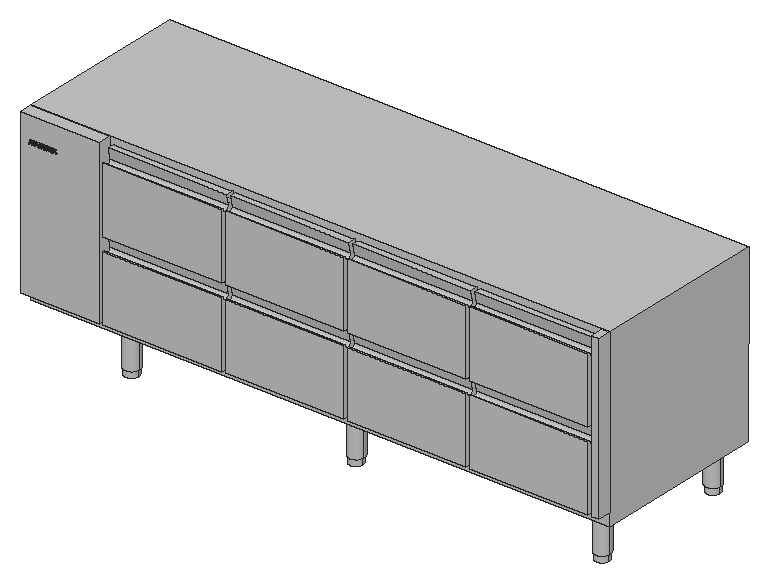
Revit family "QF_ALPENINOX_721173_AA4R7BBBB", category Attrezzature speciali, Revit 2018 (continued)
Definition of nested family "HP_APX_BI_TN_L"
  Lines and regions (mm)
    Split face 120
      outline origin (330, -951.3, 50) x (1, 0, 0) y (0, 1, 0)
        loop
          arc (-328.464, 657.474) -> (-332.464, 653.474) -> (-328.464, 649.474) r 4
          line (-328.464, 649.474) -> (-286.464, 649.474)
          arc (-286.464, 649.474) -> (-282.464, 653.474) -> (-286.464, 657.474) r 4
          line (-286.464, 657.474) -> (-328.464, 657.474)
    Split face 121
      outline origin (110, -951.3, 50) x (1, 0, 0) y (0, 1, 0)
        loop
          arc (-218.464, 657.474) -> (-222.464, 653.474) -> (-218.464, 649.474) r 4
          line (-218.464, 649.474) -> (-176.464, 649.474)
          arc (-176.464, 649.474) -> (-172.464, 653.474) -> (-176.464, 657.474) r 4
          line (-176.464, 657.474) -> (-218.464, 657.474)
    Split face 122
      outline origin (220, -951.3, 50) x (1, 0, 0) y (0, 1, 0)
        loop
          arc (-273.464, 657.474) -> (-277.464, 653.474) -> (-273.464, 649.474) r 4
          line (-273.464, 649.474) -> (-231.464, 649.474)
          arc (-231.464, 649.474) -> (-227.464, 653.474) -> (-231.464, 657.474) r 4
          line (-231.464, 657.474) -> (-273.464, 657.474)
    Split face 123
      outline origin (0, -975.3, 50) x (1, 0, 0) y (0, 1, 0)
        loop
          arc (-163.464, 669.474) -> (-167.464, 665.474) -> (-163.464, 661.474) r 4
          line (-163.464, 661.474) -> (-121.464, 661.474)
          arc (-121.464, 661.474) -> (-117.464, 665.474) -> (-121.464, 669.474) r 4
          line (-121.464, 669.474) -> (-163.464, 669.474)
    Split face 124
      outline origin (330, -975.3, 50) x (1, 0, 0) y (0, 1, 0)
        loop
          arc (-328.464, 669.474) -> (-332.464, 665.474) -> (-328.464, 661.474) r 4
          line (-328.464, 661.474) -> (-286.464, 661.474)
          arc (-286.464, 661.474) -> (-282.464, 665.474) -> (-286.464, 669.474) r 4
          line (-286.464, 669.474) -> (-328.464, 669.474)
    Split face 125
      outline origin (110, -975.3, 50) x (1, 0, 0) y (0, 1, 0)
        loop
          arc (-218.464, 669.474) -> (-222.464, 665.474) -> (-218.464, 661.474) r 4
          line (-218.464, 661.474) -> (-176.464, 661.474)
          arc (-176.464, 661.474) -> (-172.464, 665.474) -> (-176.464, 669.474) r 4
          line (-176.464, 669.474) -> (-218.464, 669.474)
    Split face 126
      outline origin (220, -975.3, 50) x (1, 0, 0) y (0, 1, 0)
        loop
          arc (-273.464, 669.474) -> (-277.464, 665.474) -> (-273.464, 661.474) r 4
          line (-273.464, 661.474) -> (-231.464, 661.474)
          arc (-231.464, 661.474) -> (-227.464, 665.474) -> (-231.464, 669.474) r 4
          line (-231.464, 669.474) -> (-273.464, 669.474)
    Split face 127
      outline origin (0, -999.3, 50) x (1, 0, 0) y (0, 1, 0)
        loop
          arc (-163.464, 681.474) -> (-167.464, 677.474) -> (-163.464, 673.474) r 4
          line (-163.464, 673.474) -> (-121.464, 673.474)
          arc (-121.464, 673.474) -> (-117.464, 677.474) -> (-121.464, 681.474) r 4
          line (-121.464, 681.474) -> (-163.464, 681.474)
    Split face 128
      outline origin (330, -999.3, 50) x (1, 0, 0) y (0, 1, 0)
        loop
          arc (-328.464, 681.474) -> (-332.464, 677.474) -> (-328.464, 673.474) r 4
          line (-328.464, 673.474) -> (-286.464, 673.474)
          arc (-286.464, 673.474) -> (-282.464, 677.474) -> (-286.464, 681.474) r 4
          line (-286.464, 681.474) -> (-328.464, 681.474)
    Split face 129
      outline origin (110, -999.3, 50) x (1, 0, 0) y (0, 1, 0)
        loop
          arc (-218.464, 681.474) -> (-222.464, 677.474) -> (-218.464, 673.474) r 4
          line (-218.464, 673.474) -> (-176.464, 673.474)
          arc (-176.464, 673.474) -> (-172.464, 677.474) -> (-176.464, 681.474) r 4
          line (-176.464, 681.474) -> (-218.464, 681.474)
    Split face 130
      outline origin (220, -999.3, 50) x (1, 0, 0) y (0, 1, 0)
        loop
          arc (-273.464, 681.474) -> (-277.464, 677.474) -> (-273.464, 673.474) r 4
          line (-273.464, 673.474) -> (-231.464, 673.474)
          arc (-231.464, 673.474) -> (-227.464, 677.474) -> (-231.464, 681.474) r 4
          line (-231.464, 681.474) -> (-273.464, 681.474)
    Split face 131
      outline origin (0, -1023.3, 50) x (1, 0, 0) y (0, 1, 0)
        loop
          arc (-163.464, 693.474) -> (-167.464, 689.474) -> (-163.464, 685.474) r 4
          line (-163.464, 685.474) -> (-121.464, 685.474)
          arc (-121.464, 685.474) -> (-117.464, 689.474) -> (-121.464, 693.474) r 4
          line (-121.464, 693.474) -> (-163.464, 693.474)
    Split face 132
      outline origin (330, -1023.3, 50) x (1, 0, 0) y (0, 1, 0)
        loop
          arc (-328.464, 693.474) -> (-332.464, 689.474) -> (-328.464, 685.474) r 4
          line (-328.464, 685.474) -> (-286.464, 685.474)
          arc (-286.464, 685.474) -> (-282.464, 689.474) -> (-286.464, 693.474) r 4
          line (-286.464, 693.474) -> (-328.464, 693.474)
    Split face 133
      outline origin (110, -1023.3, 50) x (1, 0, 0) y (0, 1, 0)
        loop
          arc (-218.464, 693.474) -> (-222.464, 689.474) -> (-218.464, 685.474) r 4
          line (-218.464, 685.474) -> (-176.464, 685.474)
          arc (-176.464, 685.474) -> (-172.464, 689.474) -> (-176.464, 693.474) r 4
          line (-176.464, 693.474) -> (-218.464, 693.474)
    Split face 134
      outline origin (220, -1023.3, 50) x (1, 0, 0) y (0, 1, 0)
        loop
          arc (-273.464, 693.474) -> (-277.464, 689.474) -> (-273.464, 685.474) r 4
          line (-273.464, 685.474) -> (-231.464, 685.474)
          arc (-231.464, 685.474) -> (-227.464, 689.474) -> (-231.464, 693.474) r 4
          line (-231.464, 693.474) -> (-273.464, 693.474)
    symbolic lines
      curve 1: line (87.08, -49, 50) -> (87.08, -49, 0)
  Dimensions and locks
    equal spacing: plane 6, plane 1 "Center (Front/Back)", plane 7
    equal spacing: plane 4, plane 3 "Center (Left/Right)", plane 5
    aligned and locked: plane 2 to Extrusion 1
    aligned and locked: level to Extrusion 1
  Automatic sketch dimensions
    Split face 5 sketch curve to Split face 5 sketch curve = 42 mm
    Split face 5 sketch curve to Split face 5 sketch curve = 4 mm
    Split face 6 sketch curve to Split face 6 sketch curve = 42 mm
    Split face 6 sketch curve to Split face 6 sketch curve = 4 mm
    Split face 7 sketch curve to Split face 7 sketch curve = 42 mm
    Split face 7 sketch curve to Split face 7 sketch curve = 4 mm
    Split face 8 sketch curve to Split face 8 sketch curve = 42 mm
    Split face 8 sketch curve to Split face 8 sketch curve = 4 mm
    Split face 9 sketch curve to Split face 9 sketch curve = 42 mm
    Split face 9 sketch curve to Split face 9 sketch curve = 4 mm
    Split face 10 sketch curve to Split face 10 sketch curve = 42 mm
    Split face 10 sketch curve to Split face 10 sketch curve = 4 mm
    Split face 11 sketch curve to Split face 11 sketch curve = 42 mm
    Split face 11 sketch curve to Split face 11 sketch curve = 4 mm
    Split face 12 sketch curve to Split face 12 sketch curve = 42 mm
    Split face 12 sketch curve to Split face 12 sketch curve = 4 mm
    Split face 13 sketch curve to Split face 13 sketch curve = 42 mm
    Split face 13 sketch curve to Split face 13 sketch curve = 4 mm
    Split face 14 sketch curve to Split face 14 sketch curve = 42 mm
    Split face 14 sketch curve to Split face 14 sketch curve = 4 mm
    Split face 15 sketch curve to Split face 15 sketch curve = 42 mm
    Split face 15 sketch curve to Split face 15 sketch curve = 4 mm
    Split face 16 sketch curve to Split face 16 sketch curve = 42 mm
    Split face 16 sketch curve to Split face 16 sketch curve = 4 mm
    Split face 17 sketch curve to Split face 17 sketch curve = 42 mm
    Split face 17 sketch curve to Split face 17 sketch curve = 4 mm
    Split face 18 sketch curve to Split face 18 sketch curve = 42 mm
    Split face 18 sketch curve to Split face 18 sketch curve = 4 mm
    Split face 19 sketch curve to Split face 19 sketch curve = 42 mm
    Split face 19 sketch curve to Split face 19 sketch curve = 4 mm
    Split face 20 sketch curve to Split face 20 sketch curve = 42 mm
    Split face 20 sketch curve to Split face 20 sketch curve = 4 mm
    Split face 21 sketch curve to Split face 21 sketch curve = 42 mm
    Split face 21 sketch curve to Split face 21 sketch curve = 4 mm
    Split face 22 sketch curve to Split face 22 sketch curve = 42 mm
    Split face 22 sketch curve to Split face 22 sketch curve = 4 mm
    Split face 23 sketch curve to Split face 23 sketch curve = 42 mm
    Split face 23 sketch curve to Split face 23 sketch curve = 4 mm
    Split face 24 sketch curve to Split face 24 sketch curve = 42 mm
    Split face 24 sketch curve to Split face 24 sketch curve = 4 mm
    Split face 25 sketch curve to Split face 25 sketch curve = 42 mm
    Split face 25 sketch curve to Split face 25 sketch curve = 4 mm
    Split face 26 sketch curve to Split face 26 sketch curve = 42 mm
    Split face 26 sketch curve to Split face 26 sketch curve = 4 mm
    Split face 27 sketch curve to Split face 27 sketch curve = 42 mm
    Split face 27 sketch curve to Split face 27 sketch curve = 4 mm
    Split face 28 sketch curve to Split face 28 sketch curve = 42 mm
    Split face 28 sketch curve to Split face 28 sketch curve = 4 mm
    Split face 29 sketch curve to Split face 29 sketch curve = 42 mm
    Split face 29 sketch curve to Split face 29 sketch curve = 4 mm
    Split face 30 sketch curve to Split face 30 sketch curve = 42 mm
    Split face 30 sketch curve to Split face 30 sketch curve = 4 mm
    Split face 31 sketch curve to Split face 31 sketch curve = 42 mm
    Split face 31 sketch curve to Split face 31 sketch curve = 4 mm
    Split face 32 sketch curve to Split face 32 sketch curve = 42 mm
    Split face 32 sketch curve to Split face 32 sketch curve = 4 mm
    Split face 33 sketch curve to Split face 33 sketch curve = 42 mm
    Split face 33 sketch curve to Split face 33 sketch curve = 4 mm
    Split face 34 sketch curve to Split face 34 sketch curve = 42 mm
    Split face 34 sketch curve to Split face 34 sketch curve = 4 mm
    Split face 35 sketch curve to Split face 35 sketch curve = 42 mm
    Split face 35 sketch curve to Split face 35 sketch curve = 4 mm
    Split face 36 sketch curve to Split face 36 sketch curve = 42 mm
    Split face 36 sketch curve to Split face 36 sketch curve = 4 mm
    Split face 37 sketch curve to Split face 37 sketch curve = 42 mm
    Split face 37 sketch curve to Split face 37 sketch curve = 4 mm
    Split face 38 sketch curve to Split face 38 sketch curve = 42 mm
    Split face 38 sketch curve to Split face 38 sketch curve = 4 mm
    Split face 39 sketch curve to Split face 39 sketch curve = 42 mm
    Split face 39 sketch curve to Split face 39 sketch curve = 4 mm
    Split face 40 sketch curve to Split face 40 sketch curve = 42 mm
    Split face 40 sketch curve to Split face 40 sketch curve = 4 mm
    Split face 41 sketch curve to Split face 41 sketch curve = 42 mm
    Split face 41 sketch curve to Split face 41 sketch curve = 4 mm
    Split face 42 sketch curve to Split face 42 sketch curve = 42 mm
    Split face 42 sketch curve to Split face 42 sketch curve = 4 mm
    Split face 43 sketch curve to Split face 43 sketch curve = 42 mm
    Split face 43 sketch curve to Split face 43 sketch curve = 4 mm
    Split face 44 sketch curve to Split face 44 sketch curve = 42 mm
    Split face 44 sketch curve to Split face 44 sketch curve = 4 mm
    Split face 45 sketch curve to Split face 45 sketch curve = 42 mm
    Split face 45 sketch curve to Split face 45 sketch curve = 4 mm
    Split face 46 sketch curve to Split face 46 sketch curve = 42 mm
    Split face 46 sketch curve to Split face 46 sketch curve = 4 mm
    Split face 47 sketch curve to Split face 47 sketch curve = 42 mm
    Split face 47 sketch curve to Split face 47 sketch curve = 4 mm
    Split face 48 sketch curve to Split face 48 sketch curve = 42 mm
    Split face 48 sketch curve to Split face 48 sketch curve = 4 mm
    Split face 49 sketch curve to Split face 49 sketch curve = 42 mm
    Split face 49 sketch curve to Split face 49 sketch curve = 4 mm
    Split face 50 sketch curve to Split face 50 sketch curve = 42 mm
    Split face 50 sketch curve to Split face 50 sketch curve = 4 mm
    Split face 51 sketch curve to Split face 51 sketch curve = 42 mm
    Split face 51 sketch curve to Split face 51 sketch curve = 4 mm
    Split face 52 sketch curve to Split face 52 sketch curve = 42 mm
    Split face 52 sketch curve to Split face 52 sketch curve = 4 mm
    Split face 53 sketch curve to Split face 53 sketch curve = 42 mm
    Split face 53 sketch curve to Split face 53 sketch curve = 4 mm
    Split face 54 sketch curve to Split face 54 sketch curve = 42 mm
    Split face 54 sketch curve to Split face 54 sketch curve = 4 mm
    Split face 55 sketch curve to Split face 55 sketch curve = 42 mm
    Split face 55 sketch curve to Split face 55 sketch curve = 4 mm
    Split face 56 sketch curve to Split face 56 sketch curve = 42 mm
    Split face 56 sketch curve to Split face 56 sketch curve = 4 mm
    Split face 57 sketch curve to Split face 57 sketch curve = 42 mm
    Split face 57 sketch curve to Split face 57 sketch curve = 4 mm
    Split face 58 sketch curve to Split face 58 sketch curve = 42 mm
    Split face 58 sketch curve to Split face 58 sketch curve = 4 mm
    Split face 59 sketch curve to Split face 59 sketch curve = 42 mm
    Split face 59 sketch curve to Split face 59 sketch curve = 4 mm
    Split face 60 sketch curve to Split face 60 sketch curve = 42 mm
    Split face 60 sketch curve to Split face 60 sketch curve = 4 mm
    Split face 61 sketch curve to Split face 61 sketch curve = 42 mm
    Split face 61 sketch curve to Split face 61 sketch curve = 4 mm
    Split face 62 sketch curve to Split face 62 sketch curve = 42 mm
    Split face 62 sketch curve to Split face 62 sketch curve = 4 mm
    Split face 63 sketch curve to Split face 63 sketch curve = 42 mm
    Split face 63 sketch curve to Split face 63 sketch curve = 4 mm
    Split face 64 sketch curve to Split face 64 sketch curve = 42 mm
    Split face 64 sketch curve to Split face 64 sketch curve = 4 mm
    Split face 65 sketch curve to Split face 65 sketch curve = 42 mm
    Split face 65 sketch curve to Split face 65 sketch curve = 4 mm
    Split face 66 sketch curve to Split face 66 sketch curve = 42 mm
    Split face 66 sketch curve to Split face 66 sketch curve = 4 mm
    Split face 67 sketch curve to Split face 67 sketch curve = 42 mm
    Split face 67 sketch curve to Split face 67 sketch curve = 4 mm
    Split face 68 sketch curve to Split face 68 sketch curve = 42 mm
    Split face 68 sketch curve to Split face 68 sketch curve = 4 mm
    Split face 69 sketch curve to Split face 69 sketch curve = 42 mm
    Split face 69 sketch curve to Split face 69 sketch curve = 4 mm
    Split face 71 sketch curve to Split face 71 sketch curve = 42 mm
    Split face 71 sketch curve to Split face 71 sketch curve = 4 mm
    Split face 72 sketch curve to Split face 72 sketch curve = 42 mm
    Split face 72 sketch curve to Split face 72 sketch curve = 4 mm
    Split face 73 sketch curve to Split face 73 sketch curve = 42 mm
    Split face 73 sketch curve to Split face 73 sketch curve = 4 mm
    Split face 74 sketch curve to Split face 74 sketch curve = 42 mm
    Split face 74 sketch curve to Split face 74 sketch curve = 4 mm
    Split face 75 sketch curve to Split face 75 sketch curve = 42 mm
    Split face 75 sketch curve to Split face 75 sketch curve = 4 mm
    Split face 76 sketch curve to Split face 76 sketch curve = 42 mm
    Split face 76 sketch curve to Split face 76 sketch curve = 4 mm
    Split face 77 sketch curve to Split face 77 sketch curve = 42 mm
    Split face 77 sketch curve to Split face 77 sketch curve = 4 mm
    Split face 78 sketch curve to Split face 78 sketch curve = 42 mm
    Split face 78 sketch curve to Split face 78 sketch curve = 4 mm
    Split face 79 sketch curve to Split face 79 sketch curve = 42 mm
    Split face 79 sketch curve to Split face 79 sketch curve = 4 mm
    Split face 80 sketch curve to Split face 80 sketch curve = 42 mm
    Split face 80 sketch curve to Split face 80 sketch curve = 4 mm
    Split face 81 sketch curve to Split face 81 sketch curve = 42 mm
    Split face 81 sketch curve to Split face 81 sketch curve = 4 mm
    Split face 82 sketch curve to Split face 82 sketch curve = 42 mm
    Split face 82 sketch curve to Split face 82 sketch curve = 4 mm
    Split face 83 sketch curve to Split face 83 sketch curve = 42 mm
    Split face 83 sketch curve to Split face 83 sketch curve = 4 mm
    Split face 84 sketch curve to Split face 84 sketch curve = 42 mm
    Split face 84 sketch curve to Split face 84 sketch curve = 4 mm
    Split face 85 sketch curve to Split face 85 sketch curve = 42 mm
    Split face 85 sketch curve to Split face 85 sketch curve = 4 mm
    Split face 86 sketch curve to Split face 86 sketch curve = 42 mm
    Split face 86 sketch curve to Split face 86 sketch curve = 4 mm
    Split face 87 sketch curve to Split face 87 sketch curve = 42 mm
    Split face 87 sketch curve to Split face 87 sketch curve = 4 mm
    Split face 88 sketch curve to Split face 88 sketch curve = 42 mm
    Split face 88 sketch curve to Split face 88 sketch curve = 4 mm
    Split face 89 sketch curve to Split face 89 sketch curve = 42 mm
    Split face 89 sketch curve to Split face 89 sketch curve = 4 mm
    Split face 90 sketch curve to Split face 90 sketch curve = 42 mm
    Split face 90 sketch curve to Split face 90 sketch curve = 4 mm
    Split face 91 sketch curve to Split face 91 sketch curve = 42 mm
    Split face 91 sketch curve to Split face 91 sketch curve = 4 mm
    Split face 92 sketch curve to Split face 92 sketch curve = 42 mm
    Split face 92 sketch curve to Split face 92 sketch curve = 4 mm
    Split face 93 sketch curve to Split face 93 sketch curve = 42 mm
    Split face 93 sketch curve to Split face 93 sketch curve = 4 mm
    Split face 94 sketch curve to Split face 94 sketch curve = 42 mm
    Split face 94 sketch curve to Split face 94 sketch curve = 4 mm
    Split face 95 sketch curve to Split face 95 sketch curve = 42 mm
    Split face 95 sketch curve to Split face 95 sketch curve = 4 mm
    Split face 96 sketch curve to Split face 96 sketch curve = 42 mm
    Split face 96 sketch curve to Split face 96 sketch curve = 4 mm
    Split face 97 sketch curve to Split face 97 sketch curve = 42 mm
    Split face 97 sketch curve to Split face 97 sketch curve = 4 mm
    Split face 98 sketch curve to Split face 98 sketch curve = 42 mm
    Split face 98 sketch curve to Split face 98 sketch curve = 4 mm
    Split face 99 sketch curve to Split face 99 sketch curve = 42 mm
    Split face 99 sketch curve to Split face 99 sketch curve = 4 mm
    Split face 100 sketch curve to Split face 100 sketch curve = 42 mm
    Split face 100 sketch curve to Split face 100 sketch curve = 4 mm
    Split face 101 sketch curve to Split face 101 sketch curve = 42 mm
    Split face 101 sketch curve to Split face 101 sketch curve = 4 mm
    Split face 102 sketch curve to Split face 102 sketch curve = 42 mm
    Split face 102 sketch curve to Split face 102 sketch curve = 4 mm
    Split face 103 sketch curve to Split face 103 sketch curve = 42 mm
    Split face 103 sketch curve to Split face 103 sketch curve = 4 mm
    Split face 104 sketch curve to Split face 104 sketch curve = 42 mm
    Split face 104 sketch curve to Split face 104 sketch curve = 4 mm
    Split face 105 sketch curve to Split face 105 sketch curve = 42 mm
    Split face 105 sketch curve to Split face 105 sketch curve = 4 mm
    Split face 106 sketch curve to Split face 106 sketch curve = 42 mm
    Split face 106 sketch curve to Split face 106 sketch curve = 4 mm
    Split face 107 sketch curve to Split face 107 sketch curve = 42 mm
    Split face 107 sketch curve to Split face 107 sketch curve = 4 mm
    Split face 108 sketch curve to Split face 108 sketch curve = 42 mm
    Split face 108 sketch curve to Split face 108 sketch curve = 4 mm
    Split face 109 sketch curve to Split face 109 sketch curve = 42 mm
    Split face 109 sketch curve to Split face 109 sketch curve = 4 mm
    Split face 110 sketch curve to Split face 110 sketch curve = 42 mm
    Split face 110 sketch curve to Split face 110 sketch curve = 4 mm
    Split face 111 sketch curve to Split face 111 sketch curve = 42 mm
    Split face 111 sketch curve to Split face 111 sketch curve = 4 mm
    Split face 112 sketch curve to Split face 112 sketch curve = 42 mm
    Split face 112 sketch curve to Split face 112 sketch curve = 4 mm
    Split face 113 sketch curve to Split face 113 sketch curve = 42 mm
    Split face 113 sketch curve to Split face 113 sketch curve = 4 mm
    Split face 114 sketch curve to Split face 114 sketch curve = 42 mm
    Split face 114 sketch curve to Split face 114 sketch curve = 4 mm
    Split face 115 sketch curve to Split face 115 sketch curve = 42 mm
    Split face 115 sketch curve to Split face 115 sketch curve = 4 mm
    Split face 116 sketch curve to Split face 116 sketch curve = 42 mm
    Split face 116 sketch curve to Split face 116 sketch curve = 4 mm
    Split face 117 sketch curve to Split face 117 sketch curve = 42 mm
    Split face 117 sketch curve to Split face 117 sketch curve = 4 mm
    Split face 118 sketch curve to Split face 118 sketch curve = 42 mm
    Split face 118 sketch curve to Split face 118 sketch curve = 4 mm
    Split face 119 sketch curve to Split face 119 sketch curve = 42 mm
    Split face 119 sketch curve to Split face 119 sketch curve = 4 mm
    Split face 120 sketch curve to Split face 120 sketch curve = 42 mm
    Split face 120 sketch curve to Split face 120 sketch curve = 4 mm
    Split face 121 sketch curve to Split face 121 sketch curve = 42 mm
    Split face 121 sketch curve to Split face 121 sketch curve = 4 mm
    Split face 122 sketch curve to Split face 122 sketch curve = 42 mm
    Split face 122 sketch curve to Split face 122 sketch curve = 4 mm
    Split face 123 sketch curve to Split face 123 sketch curve = 42 mm
    Split face 123 sketch curve to Split face 123 sketch curve = 4 mm
    Split face 124 sketch curve to Split face 124 sketch curve = 42 mm
    Split face 124 sketch curve to Split face 124 sketch curve = 4 mm
    Split face 125 sketch curve to Split face 125 sketch curve = 42 mm
    Split face 125 sketch curve to Split face 125 sketch curve = 4 mm
    Split face 126 sketch curve to Split face 126 sketch curve = 42 mm
    Split face 126 sketch curve to Split face 126 sketch curve = 4 mm
    Split face 127 sketch curve to Split face 127 sketch curve = 42 mm
    Split face 127 sketch curve to Split face 127 sketch curve = 4 mm
    Split face 128 sketch curve to Split face 128 sketch curve = 42 mm
    Split face 128 sketch curve to Split face 128 sketch curve = 4 mm
    Split face 129 sketch curve to Split face 129 sketch curve = 42 mm
    Split face 129 sketch curve to Split face 129 sketch curve = 4 mm
    Split face 130 sketch curve to Split face 130 sketch curve = 42 mm
    Split face 130 sketch curve to Split face 130 sketch curve = 4 mm
    Split face 131 sketch curve to Split face 131 sketch curve = 42 mm
    Split face 131 sketch curve to Split face 131 sketch curve = 4 mm
    Split face 132 sketch curve to Split face 132 sketch curve = 42 mm
    Split face 132 sketch curve to Split face 132 sketch curve = 4 mm
    Split face 133 sketch curve to Split face 133 sketch curve = 42 mm
    Split face 133 sketch curve to Split face 133 sketch curve = 4 mm
    Split face 134 sketch curve to Split face 134 sketch curve = 42 mm
    Split face 134 sketch curve to Split face 134 sketch curve = 4 mm
    Extrusion 1 sketch curve to Extrusion 1 sketch curve = 2438.4 mm  (x2)
    Extrusion 2 sketch curve to plane 4 = 0 mm
    Extrusion 2 sketch curve to plane 5 = 0 mm
    Extrusion 2 sketch curve to plane 7 = 0 mm
    Extrusion 2 sketch curve to plane 6 = 0 mm
    Split face 1 sketch curve to Extrusion 2 = 0 mm  (x2)
    Split face 1 sketch curve to Extrusion 2 = 34 mm
    Split face 1 sketch curve to Extrusion 2 = 104 mm
    Split face 1 sketch curve to Split face 1 sketch curve = 17.5 mm
    Split face 2 sketch curve to Extrusion 2 = 130.5 mm
    Split face 2 sketch curve to Extrusion 2 = 60.5 mm
    Split face 2 sketch curve to Extrusion 2 = 98 mm
    Split face 2 sketch curve to Split face 2 sketch curve = 23 mm
    Split face 3 sketch curve to Extrusion 2 = 80.5 mm
    Split face 3 sketch curve to Split face 3 sketch curve = 17 mm  (x2)
    Split face 3 sketch curve to Extrusion 2 = 95 mm
    plane 4 to Extrusion 3 sketch curve = 34.51 mm
    Extrusion 3 sketch curve to Extrusion 3 sketch curve = 1.266 mm
    Extrusion 3 sketch curve to Extrusion 3 sketch curve = 1.307 mm
    Extrusion 3 sketch curve to Extrusion 3 sketch curve = 0.57 mm
    Extrusion 3 sketch curve to Extrusion 3 sketch curve = 0.593 mm
    Extrusion 3 sketch curve to Extrusion 3 sketch curve = 0.799 mm
    Extrusion 3 sketch curve to Extrusion 3 sketch curve = 1.99 mm  (x2)
    Extrusion 3 sketch curve to Extrusion 3 sketch curve = 0.003 mm
    Extrusion 3 sketch curve to Extrusion 3 sketch curve = 3.534 mm
    Extrusion 3 sketch curve to Extrusion 3 sketch curve = 0.835 mm
    Extrusion 3 sketch curve to Extrusion 3 sketch curve = 0.56 mm
    Extrusion 3 sketch curve to Extrusion 3 sketch curve = 1.268 mm
    Extrusion 3 sketch curve to Extrusion 3 sketch curve = 1.223 mm
    Extrusion 3 sketch curve to Extrusion 3 sketch curve = 1.344 mm
    Extrusion 3 sketch curve to Extrusion 3 sketch curve = 1.394 mm  (x2)
    Extrusion 3 sketch curve to Extrusion 3 sketch curve = 1.512 mm
    Extrusion 3 sketch curve to Extrusion 3 sketch curve = 3.309 mm
    Extrusion 3 sketch curve to Extrusion 3 sketch curve = 5.841 mm
    Extrusion 3 sketch curve to Extrusion 3 sketch curve = 1.393 mm
    Extrusion 3 sketch curve to Extrusion 3 sketch curve = 1.439 mm
    Extrusion 3 sketch curve to Extrusion 3 sketch curve = 0 mm  (x19)
    Extrusion 3 sketch curve to Extrusion 3 sketch curve = 1.902 mm
    Extrusion 3 sketch curve to Extrusion 3 sketch curve = 0.052 mm
    Extrusion 3 sketch curve to Extrusion 3 sketch curve = 2.065 mm
    Extrusion 3 sketch curve to Extrusion 3 sketch curve = 0.647 mm
    Extrusion 3 sketch curve to Extrusion 3 sketch curve = 8.079 mm
    Extrusion 3 sketch curve to Extrusion 3 sketch curve = 0.073 mm
    Extrusion 3 sketch curve to Extrusion 3 sketch curve = 2.145 mm
    Extrusion 3 sketch curve to Extrusion 3 sketch curve = 2.931 mm
    Extrusion 3 sketch curve to Extrusion 3 sketch curve = 0.213 mm
    Extrusion 3 sketch curve to Extrusion 3 sketch curve = 0.026 mm
    Extrusion 3 sketch curve to Extrusion 3 sketch curve = 0.263 mm
    Extrusion 3 sketch curve to Extrusion 3 sketch curve = 0.516 mm
    Extrusion 3 sketch curve to Extrusion 3 sketch curve = 0.356 mm
    Extrusion 3 sketch curve to Extrusion 3 sketch curve = 0.387 mm
    Extrusion 3 sketch curve to Extrusion 3 sketch curve = 2.378 mm
    Extrusion 3 sketch curve to Extrusion 3 sketch curve = 2.466 mm
    Extrusion 3 sketch curve to Extrusion 3 sketch curve = 0.602 mm
    Extrusion 3 sketch curve to Extrusion 3 sketch curve = 1.02 mm
    Extrusion 3 sketch curve to Extrusion 3 sketch curve = 0.949 mm
    Extrusion 3 sketch curve to Extrusion 3 sketch curve = 1.728 mm
    Extrusion 3 sketch curve to Extrusion 3 sketch curve = 0.157 mm  (x2)
    Extrusion 3 sketch curve to Extrusion 3 sketch curve = 0.292 mm
    Extrusion 3 sketch curve to Extrusion 3 sketch curve = 3.565 mm
    Extrusion 3 sketch curve to Extrusion 3 sketch curve = 1.396 mm  (x2)
    Extrusion 3 sketch curve to Extrusion 3 sketch curve = 1.418 mm  (x2)
    Extrusion 3 sketch curve to Extrusion 3 sketch curve = 1.151 mm  (x2)
    Extrusion 3 sketch curve to Extrusion 3 sketch curve = 5.709 mm  (x2)
    Extrusion 3 sketch curve to Extrusion 3 sketch curve = 0.224 mm  (x2)
    Extrusion 3 sketch curve to Extrusion 3 sketch curve = 1.149 mm  (x2)
    Extrusion 3 sketch curve to Extrusion 3 sketch curve = 1.395 mm  (x2)
    Extrusion 3 sketch curve to Extrusion 3 sketch curve = 1.744 mm
    Extrusion 3 sketch curve to Extrusion 3 sketch curve = 1.745 mm
    Extrusion 3 sketch curve to Extrusion 3 sketch curve = 6.963 mm
    Extrusion 3 sketch curve to Extrusion 3 sketch curve = 0.493 mm  (x3)
    Extrusion 3 sketch curve to Extrusion 3 sketch curve = 0.273 mm  (x2)
    Extrusion 3 sketch curve to Extrusion 3 sketch curve = 0.021 mm  (x2)
    Extrusion 3 sketch curve to Extrusion 3 sketch curve = 0.226 mm  (x2)
    Extrusion 3 sketch curve to Extrusion 3 sketch curve = 0.268 mm  (x2)
    Extrusion 3 sketch curve to Extrusion 3 sketch curve = 0.294 mm
    Extrusion 3 sketch curve to Extrusion 3 sketch curve = 5.238 mm
    Extrusion 3 sketch curve to Extrusion 3 sketch curve = 5.908 mm
    Extrusion 3 sketch curve to Extrusion 3 sketch curve = 1.109 mm  (x2)
    Extrusion 3 sketch curve to Extrusion 3 sketch curve = 1.108 mm  (x2)
    Extrusion 3 sketch curve to Extrusion 3 sketch curve = 1.142 mm  (x2)
    Extrusion 3 sketch curve to Extrusion 3 sketch curve = 1.216 mm  (x2)
    Extrusion 3 sketch curve to Extrusion 3 sketch curve = 3.013 mm
    Extrusion 3 sketch curve to Extrusion 3 sketch curve = 1.616 mm  (x3)
    Extrusion 3 sketch curve to Extrusion 3 sketch curve = 2.305 mm
    Extrusion 3 sketch curve to Extrusion 3 sketch curve = 3.049 mm
    Extrusion 3 sketch curve to plane 6 = 93.469 mm
    Extrusion 3 sketch curve to Extrusion 3 sketch curve = 0.498 mm
    Extrusion 3 sketch curve to Extrusion 3 sketch curve = 0.682 mm
    Extrusion 3 sketch curve to Extrusion 3 sketch curve = 0.664 mm
    Extrusion 3 sketch curve to Extrusion 3 sketch curve = 0.425 mm
    Extrusion 3 sketch curve to Extrusion 3 sketch curve = 0.41 mm
    Extrusion 3 sketch curve to Extrusion 3 sketch curve = 1.272 mm
    Extrusion 3 sketch curve to Extrusion 3 sketch curve = 0.789 mm  (x2)
    Extrusion 3 sketch curve to Extrusion 3 sketch curve = 0.056 mm
    Extrusion 3 sketch curve to Extrusion 3 sketch curve = 0.83 mm
    Extrusion 3 sketch curve to Extrusion 3 sketch curve = 1.238 mm
    Extrusion 3 sketch curve to Extrusion 3 sketch curve = 1.732 mm
    Extrusion 3 sketch curve to Extrusion 3 sketch curve = 0.346 mm
    Extrusion 3 sketch curve to Extrusion 3 sketch curve = 1.123 mm
    Extrusion 3 sketch curve to Extrusion 3 sketch curve = 3.023 mm
    Extrusion 3 sketch curve to Extrusion 3 sketch curve = 4.203 mm
    Extrusion 3 sketch curve to Extrusion 3 sketch curve = 3.452 mm  (x2)
    Extrusion 3 sketch curve to Extrusion 3 sketch curve = 2.544 mm
    Extrusion 3 sketch curve to Extrusion 3 sketch curve = 1.177 mm
    Extrusion 3 sketch curve to Extrusion 3 sketch curve = 3.261 mm
    Extrusion 3 sketch curve to Extrusion 3 sketch curve = 0.352 mm  (x2)
    Extrusion 3 sketch curve to Extrusion 3 sketch curve = 1.987 mm
    Extrusion 3 sketch curve to Extrusion 3 sketch curve = 0.171 mm
    Extrusion 3 sketch curve to Extrusion 3 sketch curve = 0.533 mm  (x3)
    Extrusion 3 sketch curve to Extrusion 3 sketch curve = 0.14 mm  (x4)
    Extrusion 3 sketch curve to Extrusion 3 sketch curve = 0.473 mm
    Extrusion 3 sketch curve to Extrusion 3 sketch curve = 0.31 mm  (x2)
    Extrusion 3 sketch curve to Extrusion 3 sketch curve = 0.075 mm
    Extrusion 3 sketch curve to Extrusion 3 sketch curve = 2.431 mm
    Extrusion 3 sketch curve to Extrusion 3 sketch curve = 2.32 mm  (x2)
    Extrusion 3 sketch curve to Extrusion 3 sketch curve = 1.992 mm
    Extrusion 3 sketch curve to Extrusion 3 sketch curve = 0.674 mm
    Extrusion 3 sketch curve to Extrusion 3 sketch curve = 0.732 mm
    Extrusion 3 sketch curve to Extrusion 3 sketch curve = 0.388 mm
    Extrusion 3 sketch curve to Extrusion 3 sketch curve = 0.121 mm
    Extrusion 3 sketch curve to Extrusion 3 sketch curve = 2.589 mm
    Extrusion 3 sketch curve to Extrusion 3 sketch curve = 0.662 mm
    Extrusion 3 sketch curve to Extrusion 3 sketch curve = 3.473 mm
    Extrusion 3 sketch curve to Extrusion 3 sketch curve = 0.681 mm
    Extrusion 3 sketch curve to Extrusion 3 sketch curve = 1.615 mm
    Extrusion 3 sketch curve to Extrusion 3 sketch curve = 0.34 mm
    Extrusion 3 sketch curve to Extrusion 3 sketch curve = 2.288 mm
    Extrusion 3 sketch curve to Extrusion 3 sketch curve = 0.942 mm
    Extrusion 3 sketch curve to Extrusion 3 sketch curve = 5.4 mm
    Extrusion 3 sketch curve to Extrusion 3 sketch curve = 1.768 mm  (x2)
    Extrusion 3 sketch curve to Extrusion 3 sketch curve = 0.761 mm
    Extrusion 3 sketch curve to Extrusion 3 sketch curve = 0.996 mm
    Extrusion 3 sketch curve to Extrusion 3 sketch curve = 3.543 mm  (x2)
    Extrusion 3 sketch curve to Extrusion 3 sketch curve = 7.017 mm
    Extrusion 3 sketch curve to Extrusion 3 sketch curve = 0.11 mm
    Extrusion 3 sketch curve to Extrusion 3 sketch curve = 0.823 mm  (x2)
    Extrusion 3 sketch curve to Extrusion 3 sketch curve = 0.947 mm
    Extrusion 3 sketch curve to Extrusion 3 sketch curve = 3.837 mm
    Extrusion 3 sketch curve to Extrusion 3 sketch curve = 0.623 mm
    Extrusion 3 sketch curve to Extrusion 3 sketch curve = 1.082 mm
    Extrusion 3 sketch curve to Extrusion 3 sketch curve = 0.801 mm
    Extrusion 3 sketch curve to Extrusion 3 sketch curve = 1 mm
    Extrusion 3 sketch curve to Extrusion 3 sketch curve = 0.089 mm
    Extrusion 3 sketch curve to Extrusion 3 sketch curve = 4.257 mm
    Extrusion 3 sketch curve to Extrusion 3 sketch curve = 4.345 mm  (x2)
    Extrusion 3 sketch curve to Extrusion 3 sketch curve = 2.576 mm
    Extrusion 3 sketch curve to Extrusion 3 sketch curve = 1.385 mm  (x4)
    Extrusion 3 sketch curve to Extrusion 3 sketch curve = 2.133 mm  (x4)
    Extrusion 3 sketch curve to Extrusion 3 sketch curve = 3.518 mm
    Extrusion 3 sketch curve to Extrusion 3 sketch curve = 5.603 mm
    Extrusion 3 sketch curve to Extrusion 3 sketch curve = 2.571 mm
    Split face 4 sketch curve to Extrusion 2 = 0 mm  (x2)
    Split face 4 sketch curve to Extrusion 2 = 64 mm
    Extrusion 4 sketch curve to Extrusion 4 sketch curve = 294 mm
    Extrusion 4 sketch curve to Extrusion 4 sketch curve = 652 mm
    Split face 70 sketch curve to Extrusion 2 = 0 mm  (x2)
    Split face 70 sketch curve to Extrusion 2 = 109 mm
    Split face 5 sketch curve to Extrusion 2 = 43.456 mm
    Split face 5 sketch curve to Extrusion 2 = 128.176 mm
    Split face 6 sketch curve to Extrusion 2 = 85.544 mm
    Split face 6 sketch curve to Extrusion 2 = 128.176 mm
    Split face 7 sketch curve to Extrusion 2 = 98.456 mm
    Split face 7 sketch curve to Extrusion 2 = 128.176 mm
    Split face 8 sketch curve to Extrusion 2 = 140.544 mm
    Split face 8 sketch curve to Extrusion 2 = 128.176 mm
    Split face 10 sketch curve to Extrusion 2 = 43.456 mm
    Split face 10 sketch curve to Extrusion 2 = 140.176 mm
    Split face 11 sketch curve to Extrusion 2 = 85.544 mm
    Split face 11 sketch curve to Extrusion 2 = 140.176 mm
    Split face 12 sketch curve to Extrusion 2 = 98.456 mm
    Split face 12 sketch curve to Extrusion 2 = 140.176 mm
    Split face 13 sketch curve to Extrusion 2 = 140.544 mm
    Split face 13 sketch curve to Extrusion 2 = 140.176 mm
    Split face 14 sketch curve to Extrusion 2 = 43.456 mm
    Split face 14 sketch curve to Extrusion 2 = 152.176 mm
    Split face 15 sketch curve to Extrusion 2 = 85.544 mm
    Split face 15 sketch curve to Extrusion 2 = 152.176 mm
    Split face 16 sketch curve to Extrusion 2 = 98.456 mm
    Split face 16 sketch curve to Extrusion 2 = 152.176 mm
    Split face 17 sketch curve to Extrusion 2 = 140.544 mm
    Split face 17 sketch curve to Extrusion 2 = 152.176 mm
    Split face 18 sketch curve to Extrusion 2 = 43.456 mm
    Split face 18 sketch curve to Extrusion 2 = 164.176 mm
    Split face 19 sketch curve to Extrusion 2 = 85.544 mm
    Split face 19 sketch curve to Extrusion 2 = 164.176 mm
    Split face 20 sketch curve to Extrusion 2 = 98.456 mm
    Split face 20 sketch curve to Extrusion 2 = 164.176 mm
    Split face 21 sketch curve to Extrusion 2 = 140.544 mm
    Split face 21 sketch curve to Extrusion 2 = 164.176 mm
    Split face 22 sketch curve to Extrusion 2 = 43.456 mm
    Split face 22 sketch curve to Extrusion 2 = 176.176 mm
    Split face 23 sketch curve to Extrusion 2 = 85.544 mm
    Split face 23 sketch curve to Extrusion 2 = 176.176 mm
    Split face 24 sketch curve to Extrusion 2 = 98.456 mm
    Split face 24 sketch curve to Extrusion 2 = 176.176 mm
    Split face 25 sketch curve to Extrusion 2 = 140.544 mm
    Split face 25 sketch curve to Extrusion 2 = 176.176 mm
    Split face 26 sketch curve to Extrusion 2 = 43.456 mm
    Split face 26 sketch curve to Extrusion 2 = 188.176 mm
    Split face 27 sketch curve to Extrusion 2 = 85.544 mm
    Split face 27 sketch curve to Extrusion 2 = 188.176 mm
    Split face 28 sketch curve to Extrusion 2 = 98.456 mm
    Split face 28 sketch curve to Extrusion 2 = 188.176 mm
    Split face 29 sketch curve to Extrusion 2 = 140.544 mm
    Split face 29 sketch curve to Extrusion 2 = 188.176 mm
    Split face 30 sketch curve to Extrusion 2 = 43.456 mm
    Split face 30 sketch curve to Extrusion 2 = 200.176 mm
    Split face 31 sketch curve to Extrusion 2 = 85.544 mm
    Split face 31 sketch curve to Extrusion 2 = 200.176 mm
    Split face 32 sketch curve to Extrusion 2 = 98.456 mm
    Split face 32 sketch curve to Extrusion 2 = 200.176 mm
    Split face 33 sketch curve to Extrusion 2 = 140.544 mm
    Split face 33 sketch curve to Extrusion 2 = 200.176 mm
    Split face 34 sketch curve to Extrusion 2 = 43.456 mm
    Split face 34 sketch curve to Extrusion 2 = 212.176 mm
    Split face 35 sketch curve to Extrusion 2 = 85.544 mm
    Split face 35 sketch curve to Extrusion 2 = 212.176 mm
    Split face 36 sketch curve to Extrusion 2 = 98.456 mm
    Split face 36 sketch curve to Extrusion 2 = 212.176 mm
    Split face 37 sketch curve to Extrusion 2 = 140.544 mm
    Split face 37 sketch curve to Extrusion 2 = 212.176 mm
    Split face 38 sketch curve to Extrusion 2 = 43.456 mm
    Split face 38 sketch curve to Extrusion 2 = 224.176 mm
    Split face 39 sketch curve to Extrusion 2 = 85.544 mm
    Split face 39 sketch curve to Extrusion 2 = 224.176 mm
    Split face 40 sketch curve to Extrusion 2 = 98.456 mm
    Split face 40 sketch curve to Extrusion 2 = 224.176 mm
    Split face 41 sketch curve to Extrusion 2 = 140.544 mm
    Split face 41 sketch curve to Extrusion 2 = 224.176 mm
    Split face 42 sketch curve to Extrusion 2 = 43.456 mm
    Split face 42 sketch curve to Extrusion 2 = 236.176 mm
    Split face 43 sketch curve to Extrusion 2 = 85.544 mm
    Split face 43 sketch curve to Extrusion 2 = 236.176 mm
    Split face 44 sketch curve to Extrusion 2 = 98.456 mm
    Split face 44 sketch curve to Extrusion 2 = 236.176 mm
    Split face 45 sketch curve to Extrusion 2 = 140.544 mm
    Split face 45 sketch curve to Extrusion 2 = 236.176 mm
    Split face 46 sketch curve to Extrusion 2 = 43.456 mm
    Split face 46 sketch curve to Extrusion 2 = 248.176 mm
    Split face 47 sketch curve to Extrusion 2 = 85.544 mm
    Split face 47 sketch curve to Extrusion 2 = 248.176 mm
    Split face 48 sketch curve to Extrusion 2 = 98.456 mm
    Split face 48 sketch curve to Extrusion 2 = 248.176 mm
    Split face 49 sketch curve to Extrusion 2 = 140.544 mm
    Split face 49 sketch curve to Extrusion 2 = 248.176 mm
    Split face 50 sketch curve to Extrusion 2 = 43.456 mm
    Split face 50 sketch curve to Extrusion 2 = 260.176 mm
    Split face 51 sketch curve to Extrusion 2 = 85.544 mm
    Split face 51 sketch curve to Extrusion 2 = 260.176 mm
    Split face 52 sketch curve to Extrusion 2 = 98.456 mm
    Split face 52 sketch curve to Extrusion 2 = 260.176 mm
    Split face 53 sketch curve to Extrusion 2 = 140.544 mm
    Split face 53 sketch curve to Extrusion 2 = 260.176 mm
    Split face 54 sketch curve to Extrusion 2 = 43.456 mm
    Split face 54 sketch curve to Extrusion 2 = 272.176 mm
    Split face 55 sketch curve to Extrusion 2 = 85.544 mm
    Split face 55 sketch curve to Extrusion 2 = 272.176 mm
    Split face 56 sketch curve to Extrusion 2 = 98.456 mm
    Split face 56 sketch curve to Extrusion 2 = 272.176 mm
    Split face 57 sketch curve to Extrusion 2 = 140.544 mm
    Split face 57 sketch curve to Extrusion 2 = 272.176 mm
    Split face 58 sketch curve to Extrusion 2 = 43.456 mm
    Split face 58 sketch curve to Extrusion 2 = 284.176 mm
    Split face 59 sketch curve to Extrusion 2 = 85.544 mm
    Split face 59 sketch curve to Extrusion 2 = 284.176 mm
    Split face 60 sketch curve to Extrusion 2 = 98.456 mm
    Split face 60 sketch curve to Extrusion 2 = 284.176 mm
    Split face 61 sketch curve to Extrusion 2 = 140.544 mm
    Split face 61 sketch curve to Extrusion 2 = 284.176 mm
    Split face 62 sketch curve to Extrusion 2 = 43.456 mm
    Split face 62 sketch curve to Extrusion 2 = 296.176 mm
    Split face 63 sketch curve to Extrusion 2 = 85.544 mm
    Split face 63 sketch curve to Extrusion 2 = 296.176 mm
    Split face 64 sketch curve to Extrusion 2 = 98.456 mm
    Split face 64 sketch curve to Extrusion 2 = 296.176 mm
    Split face 65 sketch curve to Extrusion 2 = 140.544 mm
    Split face 65 sketch curve to Extrusion 2 = 296.176 mm
    Split face 66 sketch curve to Extrusion 2 = 43.456 mm
    Split face 66 sketch curve to Extrusion 2 = 308.176 mm
    Split face 67 sketch curve to Extrusion 2 = 85.544 mm
    Split face 67 sketch curve to Extrusion 2 = 308.176 mm
    Split face 68 sketch curve to Extrusion 2 = 98.456 mm
    Split face 68 sketch curve to Extrusion 2 = 308.176 mm
    Split face 69 sketch curve to Extrusion 2 = 140.544 mm
    Split face 69 sketch curve to Extrusion 2 = 308.176 mm
    Split face 71 sketch curve to Extrusion 2 = 43.456 mm
    Split face 71 sketch curve to Extrusion 2 = 192.174 mm
    Split face 72 sketch curve to Extrusion 2 = 85.544 mm
    Split face 72 sketch curve to Extrusion 2 = 192.174 mm
    Split face 73 sketch curve to Extrusion 2 = 98.456 mm
    Split face 73 sketch curve to Extrusion 2 = 192.174 mm
    Split face 74 sketch curve to Extrusion 2 = 140.544 mm
    Split face 74 sketch curve to Extrusion 2 = 192.174 mm
    Split face 75 sketch curve to Extrusion 2 = 43.456 mm
    Split face 75 sketch curve to Extrusion 2 = 180.174 mm
    Split face 76 sketch curve to Extrusion 2 = 85.544 mm
    Split face 76 sketch curve to Extrusion 2 = 180.174 mm
    Split face 77 sketch curve to Extrusion 2 = 98.456 mm
    Split face 77 sketch curve to Extrusion 2 = 180.174 mm
    Split face 78 sketch curve to Extrusion 2 = 140.544 mm
    Split face 78 sketch curve to Extrusion 2 = 180.174 mm
    Split face 79 sketch curve to Extrusion 2 = 43.456 mm
    Split face 79 sketch curve to Extrusion 2 = 168.174 mm
    Split face 80 sketch curve to Extrusion 2 = 85.544 mm
    Split face 80 sketch curve to Extrusion 2 = 168.174 mm
    Split face 81 sketch curve to Extrusion 2 = 98.456 mm
    Split face 81 sketch curve to Extrusion 2 = 168.174 mm
    Split face 82 sketch curve to Extrusion 2 = 140.544 mm
    Split face 82 sketch curve to Extrusion 2 = 168.174 mm
    Split face 83 sketch curve to Extrusion 2 = 43.456 mm
    Split face 83 sketch curve to Extrusion 2 = 156.174 mm
    Split face 84 sketch curve to Extrusion 2 = 85.544 mm
    Split face 84 sketch curve to Extrusion 2 = 156.174 mm
    Split face 85 sketch curve to Extrusion 2 = 98.456 mm
    Split face 85 sketch curve to Extrusion 2 = 156.174 mm
    Split face 86 sketch curve to Extrusion 2 = 140.544 mm
    Split face 86 sketch curve to Extrusion 2 = 156.174 mm
    Split face 87 sketch curve to Extrusion 2 = 43.456 mm
    Split face 87 sketch curve to Extrusion 2 = 144.174 mm
    Split face 88 sketch curve to Extrusion 2 = 85.544 mm
    Split face 88 sketch curve to Extrusion 2 = 144.174 mm
    Split face 89 sketch curve to Extrusion 2 = 98.456 mm
    Split face 89 sketch curve to Extrusion 2 = 144.174 mm
    Split face 90 sketch curve to Extrusion 2 = 140.544 mm
    Split face 90 sketch curve to Extrusion 2 = 144.174 mm
    Split face 91 sketch curve to Extrusion 2 = 43.456 mm
    Split face 91 sketch curve to Extrusion 2 = 132.174 mm
    Split face 92 sketch curve to Extrusion 2 = 85.544 mm
    Split face 92 sketch curve to Extrusion 2 = 132.174 mm
    Split face 93 sketch curve to Extrusion 2 = 98.456 mm
    Split face 93 sketch curve to Extrusion 2 = 132.174 mm
    Split face 94 sketch curve to Extrusion 2 = 140.544 mm
    Split face 94 sketch curve to Extrusion 2 = 132.174 mm
    Split face 95 sketch curve to Extrusion 2 = 43.456 mm
    Split face 95 sketch curve to Extrusion 2 = 120.174 mm
    Split face 96 sketch curve to Extrusion 2 = 85.544 mm
    Split face 96 sketch curve to Extrusion 2 = 120.174 mm
    Split face 97 sketch curve to Extrusion 2 = 98.456 mm
    Split face 97 sketch curve to Extrusion 2 = 120.174 mm
    Split face 98 sketch curve to Extrusion 2 = 140.544 mm
    Split face 98 sketch curve to Extrusion 2 = 120.174 mm
    Split face 99 sketch curve to Extrusion 2 = 43.456 mm
    Split face 99 sketch curve to Extrusion 2 = 108.174 mm
    Split face 100 sketch curve to Extrusion 2 = 85.544 mm
    Split face 100 sketch curve to Extrusion 2 = 108.174 mm
    Split face 101 sketch curve to Extrusion 2 = 98.456 mm
    Split face 101 sketch curve to Extrusion 2 = 108.174 mm
    Split face 102 sketch curve to Extrusion 2 = 140.544 mm
    Split face 102 sketch curve to Extrusion 2 = 108.174 mm
    Split face 103 sketch curve to Extrusion 2 = 43.456 mm
    Split face 103 sketch curve to Extrusion 2 = 96.174 mm
    Split face 104 sketch curve to Extrusion 2 = 85.544 mm
    Split face 104 sketch curve to Extrusion 2 = 96.174 mm
    Split face 105 sketch curve to Extrusion 2 = 98.456 mm
    Split face 105 sketch curve to Extrusion 2 = 96.174 mm
    Split face 106 sketch curve to Extrusion 2 = 140.544 mm
    Split face 106 sketch curve to Extrusion 2 = 96.174 mm
    Split face 107 sketch curve to Extrusion 2 = 43.456 mm
    Split face 107 sketch curve to Extrusion 2 = 84.174 mm
    Split face 108 sketch curve to Extrusion 2 = 85.544 mm
    Split face 108 sketch curve to Extrusion 2 = 84.174 mm
    Split face 109 sketch curve to Extrusion 2 = 98.456 mm
    Split face 109 sketch curve to Extrusion 2 = 84.174 mm
    Split face 110 sketch curve to Extrusion 2 = 140.544 mm
    Split face 110 sketch curve to Extrusion 2 = 84.174 mm
    Split face 111 sketch curve to Extrusion 2 = 43.456 mm
    Split face 111 sketch curve to Extrusion 2 = 72.174 mm
    Split face 112 sketch curve to Extrusion 2 = 85.544 mm
    Split face 112 sketch curve to Extrusion 2 = 72.174 mm
    Split face 113 sketch curve to Extrusion 2 = 98.456 mm
    Split face 113 sketch curve to Extrusion 2 = 72.174 mm
    Split face 114 sketch curve to Extrusion 2 = 140.544 mm
    Split face 114 sketch curve to Extrusion 2 = 72.174 mm
    Split face 115 sketch curve to Extrusion 2 = 43.456 mm
    Split face 115 sketch curve to Extrusion 2 = 60.174 mm
    Split face 116 sketch curve to Extrusion 2 = 85.544 mm
    Split face 116 sketch curve to Extrusion 2 = 60.174 mm
    Split face 117 sketch curve to Extrusion 2 = 98.456 mm
    Split face 117 sketch curve to Extrusion 2 = 60.174 mm
    Split face 118 sketch curve to Extrusion 2 = 68.174 mm
    Split face 118 sketch curve to Extrusion 2 = 140.544 mm
    Split face 119 sketch curve to Extrusion 2 = 43.456 mm
    Split face 119 sketch curve to Extrusion 2 = 48.174 mm
    Split face 120 sketch curve to Extrusion 2 = 85.544 mm
    Split face 120 sketch curve to Extrusion 2 = 48.174 mm
    Split face 121 sketch curve to Extrusion 2 = 98.456 mm
    Split face 121 sketch curve to Extrusion 2 = 48.174 mm
    Split face 122 sketch curve to Extrusion 2 = 56.174 mm
    Split face 122 sketch curve to Extrusion 2 = 140.544 mm
    Split face 123 sketch curve to Extrusion 2 = 43.456 mm
    Split face 123 sketch curve to Extrusion 2 = 36.174 mm
    Split face 124 sketch curve to Extrusion 2 = 85.544 mm
    Split face 124 sketch curve to Extrusion 2 = 36.174 mm
    Split face 125 sketch curve to Extrusion 2 = 44.174 mm
    Split face 125 sketch curve to Extrusion 2 = 98.456 mm
    Split face 126 sketch curve to Extrusion 2 = 44.174 mm
    Split face 126 sketch curve to Extrusion 2 = 140.544 mm
    Split face 127 sketch curve to Extrusion 2 = 43.456 mm
    Split face 127 sketch curve to Extrusion 2 = 24.174 mm
    Split face 128 sketch curve to Extrusion 2 = 32.174 mm
    Split face 128 sketch curve to Extrusion 2 = 85.544 mm
    Split face 129 sketch curve to Extrusion 2 = 32.174 mm
    Split face 129 sketch curve to Extrusion 2 = 98.456 mm
    Split face 130 sketch curve to Extrusion 2 = 32.174 mm
    Split face 130 sketch curve to Extrusion 2 = 140.544 mm
    Split face 131 sketch curve to Extrusion 2 = 20.174 mm
    Split face 131 sketch curve to Extrusion 2 = 43.456 mm
    Split face 132 sketch curve to Extrusion 2 = 20.174 mm
    Split face 132 sketch curve to Extrusion 2 = 85.544 mm
    Split face 133 sketch curve to Extrusion 2 = 20.174 mm
    Split face 133 sketch curve to Extrusion 2 = 98.456 mm
    Split face 134 sketch curve to Extrusion 2 = 20.174 mm
    Split face 134 sketch curve to Extrusion 2 = 140.544 mm
    curve 1 to level = 0 mm
    curve 1 to plane 5 = 0 mm
    curve 1 to curve 1 = 50 mm
Definition of nested family "HP_APX_HALF"
  Parameters
    Show Clearance [instance] = yes
    Default Elevation = 1219.2 mm
  Reference planes
    plane 1 "Center (Front/Back)": y = 28.92
    plane 2: z = 0
    plane 3 "Center (Left/Right)": x = 0
    plane 4: x = -234
    plane 5: x = 234
    plane 6: z = 618
  Forms (mm)
    Extrusion 1, solid
      sketch origin (0, 0, 0) x (1, 0, 0) y (0, 1, 0)
        loop
          line (-1219.2, 1219.2) -> (-1219.2, -1219.2) -> (1219.2, -1219.2) -> (1219.2, 1219.2) -> (-1219.2, 1219.2)
      from 0 to -304.8
    Extrusion 2, solid
      sketch origin (0, 0, 0) x (0, 1, 0) y (0, 0, 1)
        loop
          line (317.92, 0) -> (317.92, 26) -> (278.314, 17)
          arc (278.314, 17) -> (264.314, 31) -> (278.314, 45) r 14
          line (278.314, 45) -> (278.314, 50) -> (33.92, 50) -> (33.92, 0) -> (317.92, 0)
        loop
          line (23.92, 0) -> (23.92, 26) -> (-15.686, 17)
          arc (-15.686, 17) -> (-29.686, 31) -> (-15.686, 45) r 14
          line (-15.686, 45) -> (-15.686, 50) -> (-260.08, 50) -> (-260.08, 0) -> (23.92, 0)
      from -220 to 220
    Extrusion 3, solid, visible <- "Show Clearance", detail levels coarse
      sketch origin (0, 0, 512) x (0, 1, 0) y (0, 0, 1)
        loop
          line (-260.08, 106) -> (-260.08, -462) -> (23.92, -462) -> (23.92, 82) -> (-15.686, 73)
          arc (-15.686, 73) -> (-29.686, 87) -> (-15.686, 101) r 14
          line (-15.686, 101) -> (-15.686, 106) -> (-260.08, 106)
        loop
          line (317.92, -462) -> (317.92, 82) -> (278.314, 73)
          arc (278.314, 73) -> (264.314, 87) -> (278.314, 101) r 14
          line (278.314, 101) -> (278.314, 106) -> (33.92, 106) -> (33.92, -462) -> (317.92, -462)
      from -220 to 220
  Lines and regions (mm)
    symbolic lines
      curve 1: line (220, 0, 140) -> (-220, 0, 140)
      curve 2: line (220, 0, 175) -> (-220, 0, 175)
      curve 3: line (220, 0, 260) -> (-220, 0, 260)
      curve 4: line (220, 0, 295) -> (-220, 0, 295)
      curve 5: line (191.424, 0, 140) -> (191.424, 0, 55)
      curve 6: line (-190, 0, 140) -> (-190, 0, 55)
      curve 7: line (191.424, 0, 260) -> (191.424, 0, 175)
      curve 8: line (-190, 0, 260) -> (-190, 0, 175)
      curve 9: line (220, 0, 260) -> (220, 0, 295)
      curve 10: line (-220, 0, 260) -> (-220, 0, 295)
      curve 11: line (220, 0, 140) -> (220, 0, 175)
      curve 12: line (-220, 0, 140) -> (-220, 0, 175)
  Dimensions and locks
    plane 4 to plane 3 "Center (Left/Right)" to plane 5 = 234 mm locked, 234 mm locked
    plane 6 to level = 618 mm
    aligned and locked: plane 2 to Extrusion 1
    aligned and locked: level to Extrusion 1
Definition of nested family "HP_Refrigerator"
  Reference planes
    plane 1 "Center (Front/Back)": y = 0
    plane 2: z = 0
    plane 3 "Center (Left/Right)": x = 0
  Lines and regions (mm)
    detail lines, in view "Ref. Level"
      curve 1: spline (-500, 190, 0) -> (-493.185, 166.706, 0) -> (-473.205, 145, 0) -> (-441.421, 126.36, 0) -> (-400, 112.058, 0) -> (-351.764, 103.067, 0) -> (-300, 100, 0) -> (-248.236, 103.067, 0) -> (-200, 112.058, 0) -> (-158.579, 126.36, 0) -> (-126.795, 145, 0) -> (-106.815, 166.706, 0) -> (-100, 190, 0) -> (-106.815, 213.294, 0) -> (-126.795, 235, 0) -> (-158.579, 253.64, 0) -> (-200, 267.942, 0) -> (-248.236, 276.933, 0) -> (-300, 280, 0) -> (-351.764, 276.933, 0) -> (-400, 267.942, 0) -> (-441.421, 253.64, 0) -> (-473.205, 235, 0) -> (-493.185, 213.294, 0) -> (-500, 190, 0)
      curve 2: line (-300, 130, 0) -> (-300, 250, 0)
      curve 3: line (-351.962, 220, 0) -> (-248.038, 160, 0)
      curve 4: line (-351.962, 160, 0) -> (-248.038, 220, 0)
      curve 5: line (-280.884, 246.873, 0) -> (-300, 225, 0)
      curve 6: line (-300, 225, 0) -> (-319.116, 246.873, 0)
      curve 7: line (-330.311, 207.5, 0) -> (-339.696, 234.992, 0)
      curve 8: line (-358.812, 201.882, 0) -> (-330.311, 207.5, 0)
      curve 9: line (-330.311, 172.5, 0) -> (-358.812, 178.118, 0)
      curve 10: line (-339.696, 145.008, 0) -> (-330.311, 172.5, 0)
      curve 11: line (-300, 155, 0) -> (-319.116, 133.127, 0)
      curve 12: line (-280.884, 133.127, 0) -> (-300, 155, 0)
      curve 13: line (-269.689, 172.5, 0) -> (-260.304, 145.008, 0)
      curve 14: line (-241.188, 178.118, 0) -> (-269.689, 172.5, 0)
      curve 15: line (-269.689, 207.5, 0) -> (-241.188, 201.882, 0)
      curve 16: line (-260.304, 234.992, 0) -> (-269.689, 207.5, 0)
Types (2, lengths in mm): name | URL | Produttore | Phase | Modello | Descrizione
  (no name) | 0 | 0 | 0 | 0 | 0
  Standard | "http://www.alpeninox.com" | "Alpeninox" | 1 | "AA4R7BBBB" | "8X1/2-DRAWER REFRIGERATED COUNTER, -2+10°C, FULL AISI 304 (R290), WITHOUT WORK TOP"
